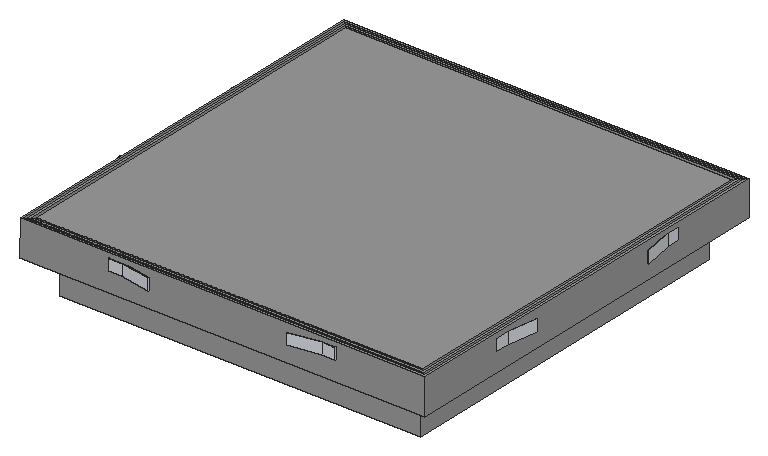
Revit family "WAPT-800-800", category Generic Models, host Floor, Revit 2017
Family settings
  Host = Floor
  Can host rebar = No
  Round Connector Dimension = Use Diameter
  Part Type = Normal
  Always vertical = Yes
  Cut with Voids When Loaded = No
  Shared = Yes
  Room Calculation Point = No
Parameters (values of type "WAPT-800-800")
  vloerluik = geanodiseerd aluminium
  frame = geanodiseerd aluminium frame
  Weight (kg) = 30
  URL = "https://www.gortergroup.com/nl/producten/vloerluiken/wapt.html"
  Offset [instance] = 0 mm
  Model = "WAPT"
  C = 400 mm
  Bevestiging = "Frame gelaste ankers"
  Belastbaarheid = "7,5 kN/m² volgens NEN-EN1991"
  B = 800 mm
  A = 800 mm
Types (6, lengths in mm): name | Weight (kg) | B | A
  (no name) | 30 | 800 | 800
  WAPT-600-600 | 24 | 600 | 600
  WAPT-800-800 | 30 | 800 | 800
  WAPT-1000-1000 | 48 | 1000 | 1000
  WAPT-1000-1500 | 103 | 1000 | 1500
  WAPT-1000-2000 | 125 | 1000 | 2000
Reference planes
  plane 1 "Center (Front/Back)": y = 0
  plane 2: z = 0
  plane 3 "Center (Left/Right)": x = 0
  plane 4: y = 400
  plane 5: y = -400
  plane 6: x = -400
  plane 7: x = 400
  plane 8: z = -400
  plane 9: x = -455
  plane 10: y = 455
  plane 11: x = 455
  plane 12: y = -455
  plane 13: x = -432.5
  plane 14: x = 432.5
  plane 15: y = 432.5
  plane 16: y = -432.5
  plane 17: x = -382.5
  plane 18: x = 382.5
  plane 19: x = 405
  plane 20: y = 405
  plane 21: x = -405
  plane 22: y = -405
  plane 23: z = -75
  plane 24: x = 340
  plane 25: x = -340
  plane 26: y = 255
  plane 27: y = -255
  plane 28: x = 255
  plane 29: x = -255
  plane 30: x = 355
  plane 31: x = -355
  plane 32: x = -434.5
  plane 33: x = 434.5
  plane 34: y = -434.5
  plane 35: y = 434.5
  plane 36 "Top": z = 0
  plane 37: z = -25
  plane 38: z = -30
  plane 39: z = -10
  plane 40: y = 363
  plane 41: y = -363
Forms (mm)
  Extrusion 1, void
    sketch origin (0, 0, 0) x (1, 0, 0) y (0, 1, 0)
      loop
        line (-405, 405) -> (-405, -405) -> (405, -405) -> (405, 405) -> (-405, 405)
    from -400 to 0
  Sweep 2, solid, material "geanodiseerd aluminium frame" <- "frame"
    path origin (0, 0, 0) x (-1, 0, 0) y (0, -1, 0)
      loop
        line (400, -400) -> (400, 400) -> (-400, 400) -> (-400, -400) -> (400, -400)
    profile "WAPT_randprofiel : WAG_randprofiel" origin (-400, 0, 0) x (-1, 0, 0) y (0, 0, 1)
      loop
        line (55, -80) -> (55, 0) -> (50, 0) -> (50, -75) -> (5, -75) -> (5, -35) -> (0, -35) -> (0, -160) -> (5, -160) -> (5, -80) -> (55, -80)
  Sweep 3, void
    path origin (0, 0, 0) x (1, 0, 0) y (0, 1, 0)
      loop
        line (-400, 400) -> (-400, -400) -> (400, -400) -> (400, 400) -> (-400, 400)
    profile origin (-400, 0, 0) x (-1, 0, 0) y (0, 0, 1)
      loop
        line (0, 0) -> (0, -130) -> (55, -130) -> (55, 0) -> (0, 0)
  Sweep 4, solid, material "geanodiseerd aluminium frame" <- "frame"
    path origin (0, 0, 0) x (-1, 0, 0) y (0, -1, 0)
      loop
        line (363, -363) -> (363, 363) -> (-363, 363) -> (-363, -363) -> (363, -363)
    profile "WAPT_binnenprofiel : WAG_binnenprofiel" origin (-363, 0, 0) x (-1, 0, 0) y (0, 0, 1)
      loop
        line (0, -80) -> (5, -80) -> (5, -30) -> (82, -30) -> (82, 0) -> (77, 0) -> (77, -25) -> (0, -25) -> (0, -80)
  Extrusion 5, solid, material "geanodiseerd aluminium frame" <- "frame"
    sketch origin (-2542.234, 400, 4000) x (-1, 0, 0) y (0, 0, 1)
      loop
        line (-2179.234, -4025) -> (-2905.234, -4025) -> (-2905.234, -4030) -> (-2179.234, -4030) -> (-2179.234, -4025)
    from -37 to -763
  Extrusion 6, solid, material "geanodiseerd aluminium" <- "vloerluik"
    sketch origin (-2542.234, 400, 4015) x (-1, 0, 0) y (0, 0, 1)
      loop
        line (-2107.734, -4015) -> (-2976.734, -4015) -> (-2976.734, -4040) -> (-2107.734, -4040) -> (-2107.734, -4015)
    from 34.5 to -834.5
Cuts and joins
  joined: Sweep 4, Extrusion 5
Lines and regions (mm)
  model lines, style "draairichting"
    curve 1: line (-445, 445, 0) -> (0, -445, 0)
    curve 2: line (0, -445, 0) -> (450, 450, 0)
Dimensions and locks
  equal spacing: plane 6, plane 3 "Center (Left/Right)", plane 7
  "A": plane 6 to plane 7
  equal spacing: plane 5, plane 1 "Center (Front/Back)", plane 4
  "B": plane 5 to plane 4
  "C": level to plane 8
  locked: plane 12 to plane 5 at 55
  locked: plane 9 to plane 6 at 55
  locked: plane 7 to plane 11 at 55
  locked: plane 10 to plane 4 at 55
  locked: plane 16 to plane 5 at 32.5
  locked: plane 15 to plane 4 at 32.5
  locked: plane 13 to plane 6 at 32.5
  locked: plane 7 to plane 14 at 32.5
  locked: plane 9 to plane 17 at 72.5
  locked: plane 18 to plane 11 at 72.5
  locked: plane 6 to Sweep 4 sketch curve at 37
  Sweep 4 sketch curve to plane 7 = 37 mm
  locked: plane 12 to plane 22 at 50
  locked: plane 10 to plane 20 at 50
  locked: plane 9 to plane 21 at 50
  locked: plane 19 to plane 11 at 50
  locked: level to plane 23 at 75
  plane 7 to plane 24 = 60 mm
  locked: plane 25 to plane 6 at 60
  plane 10 to plane 26 = 200 mm
  locked: plane 12 to plane 27 at 200
  locked: plane 28 to plane 11 at 200
  locked: plane 9 to plane 29 at 200
  locked: plane 3 "Center (Left/Right)" to plane 30 at 355
  locked: plane 31 to plane 3 "Center (Left/Right)" at 355
  plane 13 to plane 9 = 22.5 mm
  locked: plane 32 to plane 9 at 20.5
  locked: plane 33 to plane 11 at 20.5
  locked: plane 12 to plane 34 at 20.5
  plane 35 to plane 10 = 20.5 mm
  cut or joined group of Sweep 4, Extrusion 5 to Sweep 2 to Sweep 2 = 5 mm, 125 mm
  locked: plane 36 "Top" to plane 37 at 25
  locked: plane 37 to plane 38 at 5
  locked: plane 36 "Top" to plane 39 at 10
  "Offset": plane 36 "Top" to level
  locked: plane 40 to plane 4 at 37
  locked: plane 5 to plane 41 at 37
  aligned and locked: level to plane 2
  aligned and locked: Extrusion 1 to plane 8
  aligned and locked: level to Extrusion 1
  aligned and locked: Sweep 2 sketch curve to plane 4
  aligned and locked: plane 6 to Sweep 2 sketch curve
  aligned and locked: Sweep 2 sketch curve to plane 5
  aligned and locked: Sweep 2 sketch curve to plane 7
  aligned and locked: Sweep 3 sketch curve to plane 9
  aligned and locked: plane 6 to Sweep 3 sketch curve
  aligned and locked: plane 2 to Sweep 3 sketch curve
  aligned and locked: Extrusion 1 sketch curve to plane 19
  aligned and locked: Extrusion 1 sketch curve to plane 20
  aligned and locked: plane 21 to Extrusion 1 sketch curve
  aligned and locked: Extrusion 1 sketch curve to plane 22
  aligned and locked: nested 1 to plane 11
  aligned and locked: nested 1 to plane 26
  aligned and locked: nested 2 to plane 9
  aligned and locked: plane 26 to nested 2
  aligned and locked: plane 27 to nested 3
  aligned and locked: nested 4 to plane 27
  aligned and locked: plane 11 to nested 3
  aligned and locked: plane 11 to nested 1
  aligned and locked: plane 10 to nested 5
  aligned and locked: plane 28 to nested 5
  aligned and locked: nested 6 to plane 10
  aligned and locked: nested 6 to plane 29
  aligned and locked: plane 12 to nested 7
  aligned and locked: nested 8 to plane 12
  aligned and locked: plane 29 to nested 8
  aligned and locked: nested 7 to plane 28
  aligned and locked: plane 9 to nested 4
  aligned and locked: cut or joined group of Sweep 4, Extrusion 5 to Extrusion 5 sketch curve
  aligned and locked: Extrusion 5 sketch curve to cut or joined group of Sweep 4, Extrusion 5
  aligned and locked: Extrusion 6 to plane 32
  aligned and locked: Extrusion 6 to plane 33
  aligned and locked: plane 34 to Extrusion 6
  aligned and locked: plane 35 to Extrusion 6
  aligned and locked: plane 37 to cut or joined group of Sweep 4, Extrusion 5
  aligned and locked: cut or joined group of Sweep 4, Extrusion 5 to plane 38
  aligned and locked: plane 36 "Top" to Extrusion 6
  aligned and locked: Extrusion 6 to plane 37
  aligned and locked: plane 39 to nested 3
  aligned and locked: nested 1 to plane 39
  aligned and locked: plane 39 to nested 5
  aligned and locked: nested 6 to plane 39
  aligned and locked: nested 4 to plane 39
  aligned and locked: plane 39 to nested 2
  aligned and locked: plane 39 to nested 8
  aligned and locked: nested 7 to plane 39
  aligned and locked: cut or joined group of Sweep 4, Extrusion 5 to plane 40
  aligned and locked: plane 41 to cut or joined group of Sweep 4, Extrusion 5
  aligned and locked: plane 3 "Center (Left/Right)" to curve 1
Automatic sketch dimensions
  plane 5 to Sweep 3 sketch curve = 0 mm
  Sweep 3 sketch curve to plane 6 = 0 mm
  Sweep 3 sketch curve to plane 7 = 0 mm
  Sweep 3 sketch curve to plane 4 = 0 mm
  Sweep 3 sketch curve to level = 130 mm
  Extrusion 6 sketch curve to plane 18 = 52 mm
  Extrusion 6 sketch curve to plane 17 = 52 mm
  Extrusion 6 sketch curve to level = 25 mm
  Extrusion 6 sketch curve to Extrusion 6 sketch curve = 25 mm
  curve 1 to Extrusion 6 = 10.5 mm  (x3)
  curve 2 to Extrusion 6 = 15.5 mm  (x2)
  Sweep 4 sketch curve to plane 4 = 37 mm
  Sweep 4 sketch curve to plane 5 = 37 mm
  Extrusion 5 sketch curve to plane 23 = 50 mm
  Extrusion 5 sketch curve to Extrusion 5 sketch curve = 5 mm
Nested families
  nested 1: "WAG_klemstrip" at (455, 255, -35), type "WAG_klemstrip"
  nested 2: "WAG_klemstrip" at (-455, 255, -35) x (-1, 0, 0) z (0, 0, 1), type "WAG_klemstrip"
  nested 3: "WAG_klemstrip" at (455, -255, -35), type "WAG_klemstrip"
  nested 4: "WAG_klemstrip" at (-455, -255, -35) x (-1, 0, 0) z (0, 0, 1), type "WAG_klemstrip"
  nested 5: "WAG_klemstrip" at (255, 455, -35) x (0, 1, 0) z (0, 0, 1), type "WAG_klemstrip"
  nested 6: "WAG_klemstrip" at (-255, 455, -35) x (0, 1, 0) z (0, 0, 1), type "WAG_klemstrip"
  nested 7: "WAG_klemstrip" at (255, -455, -35) x (0, -1, 0) z (0, 0, 1), type "WAG_klemstrip"
  nested 8: "WAG_klemstrip" at (-255, -455, -35) x (0, -1, 0) z (0, 0, 1), type "WAG_klemstrip"
Definition of nested family "WAG_klemstrip"
  Reference planes
    plane 1 "Center (Front/Back)": y = 0
    plane 2: z = 0
    plane 3 "Center (Left/Right)": x = 0
    plane 4: z = 25
  Forms (mm)
    Extrusion 1, solid
      sketch origin (0, 0, 0) x (1, 0, 0) y (0, 1, 0)
        loop
          line (0, 0) -> (2, 0) -> (2, 29.825) -> (14.125, 98.589) -> (12.155, 98.937) -> (0, 30) -> (0, 0)
      from 0 to 25
  Dimensions and locks
    locked: plane 4 to level at 25
    aligned and locked: level to plane 2
    aligned and locked: plane 4 to Extrusion 1
